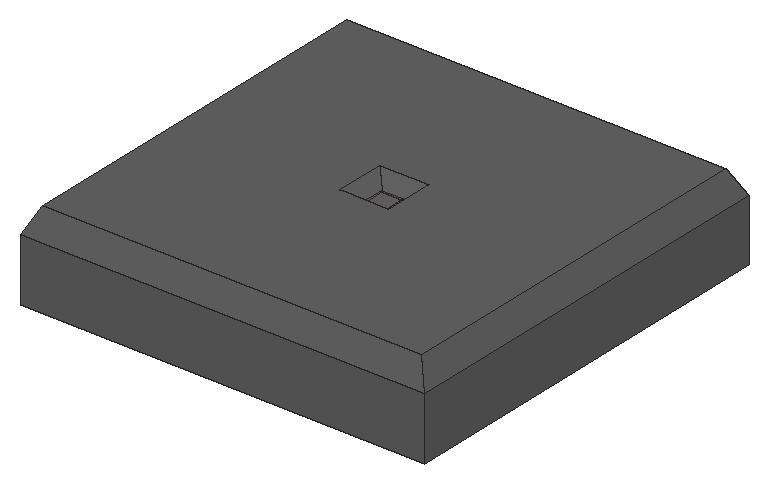
Revit family "Smartcard Reader_Delta53_Farpointe_R15", category Security Devices, host Face, Revit 2015
Parameters
  Width = 3.25"
  URL - Quick Start Guides [instance] = "http://farpointedata.com/downloads/qsg_and_ref/SmartcardReaders_QSG.pdf"
  URL - Mounting Guides Letter Size [instance] = "http://farpointedata.com/downloads/mounting_guides/MountingGuide_Delta53_Ltr.pdf"
  URL - Mounting Guides A4 Size [instance] = "http://farpointedata.com/downloads/mounting_guides/MountingGuide_Delta53_A4.pdf"
  URL - Data Sheets [instance] = "http://farpointedata.com/downloads/datasheets/Delta53_TDS.pdf"
  URL - Bid Specifications [instance] = "http://farpointedata.com/downloads/bid_specs/Farpointe_Delta_Specification.docx"
  URL = "http://www.farpointedata.com/"
  Modeled By [instance] = "www.commensestudio.com"
  Model = "Delta5.3 Contactless Smartcard Reader"  # constant formula
  Manufacturer = "Farpointe Data"  # constant formula
  LED [instance] = LED
  Height = 3.25"
  Description = "European-Sized Mount"  # constant formula
  Depth = 0.8"
  Default Elevation = 48"
  Cover [instance] = Cover
Reference planes (in)
  plane 1 "Center (Front/Back)": y = 0
  plane 2: z = 0
  plane 3 "Center (Left/Right)": x = 0
  plane 4: x = -1.625
  plane 5: x = 1.625
  plane 6: y = 1.625
  plane 7: y = -1.625
  plane 8: z = 0.8
Forms (in)
  Extrusion 1, solid, material "Cover" <- "Cover"
    sketch origin (0, 0, 0) x (1, 0, 0) y (0, 1, 0)
      loop
        line (-1.625, -1.625) -> (1.625, -1.625) -> (1.625, 1.625) -> (-1.625, 1.625) -> (-1.625, -1.625)
    from 0 to 0.5
  Blend 2, solid, material "Cover" <- "Cover"
    base sketch origin (0, 0, 0) x (1, 0, 0) y (0, 1, 0)
      loop
        line (-1.625, 1.625) -> (-1.625, -1.625) -> (1.625, -1.625) -> (1.625, 1.625) -> (-1.625, 1.625)
    top sketch origin (0, 0, 0) x (1, 0, 0) y (0, 1, 0)
      loop
        line (-1.525, 1.525) -> (-1.525, -1.525) -> (1.525, -1.525) -> (1.525, 1.525) -> (-1.525, 1.525)
    from 0.5 to 0.7
  Extrusion 3, solid, material "LED" <- "LED"
    sketch origin (0, 0, 0) x (1, 0, 0) y (0, 1, 0)
      loop
        line (0.085, -0.085) -> (0.085, 0.085) -> (-0.085, 0.085) -> (-0.085, -0.085) -> (0.085, -0.085)
    from 0.5 to 0.61
  Blend 4, void
    base sketch origin (0, 0, 0) x (1, 0, 0) y (0, 1, 0)
      loop
        line (-0.085, 0.085) -> (-0.085, -0.085) -> (0.085, -0.085) -> (0.085, 0.085) -> (-0.085, 0.085)
    top sketch origin (0, 0, 0) x (1, 0, 0) y (0, 1, 0)
      loop
        line (-0.19907, 0.19907) -> (-0.19907, -0.19907) -> (0.19907, -0.19907) -> (0.19907, 0.19907) -> (-0.19907, 0.19907)
    from 0.6 to 0.7
Cuts and joins
  Blend 4 cuts Blend 2
Dimensions and locks (in)
  equal spacing: plane 7, plane 1 "Center (Front/Back)", plane 6
  equal spacing: plane 4, plane 3 "Center (Left/Right)", plane 5
  "Height": plane 7 to plane 6
  "Width": plane 4 to plane 5
  "Depth": plane 8 to level
  aligned and locked: plane 2 to host face
  aligned and locked: level to host face
  aligned and locked: plane 7 to Extrusion 1
  aligned and locked: Extrusion 1 to plane 6
  aligned and locked: Extrusion 1 to plane 4
  aligned and locked: plane 5 to Extrusion 1
  aligned and locked: plane 4 to Blend 2 sketch curve
  aligned and locked: plane 6 to Blend 2 sketch curve
  aligned and locked: Blend 2 sketch curve to plane 7
  aligned and locked: Blend 2 sketch curve to Extrusion 1
Automatic sketch dimensions
  host sketch curve to host sketch curve = 96"  (x2)
  plane 6 to Extrusion 1 sketch curve = 0"
  plane 4 to Extrusion 1 sketch curve = 0"
  Extrusion 1 sketch curve to plane 5 = 0"
  Extrusion 1 sketch curve to plane 7 = 0"
  Blend 2 sketch curve to plane 7 = 0.1"
  Blend 2 sketch curve to plane 3 "Center (Left/Right)" = 1.525"
  plane 3 "Center (Left/Right)" to Blend 2 sketch curve = 1.525"
  plane 6 to Blend 2 sketch curve = 0.1"
  Extrusion 3 sketch curve to plane 3 "Center (Left/Right)" = 0.085"
  plane 3 "Center (Left/Right)" to Extrusion 3 sketch curve = 0.085"
  plane 1 "Center (Front/Back)" to Extrusion 3 sketch curve = 0.085"
  Extrusion 3 sketch curve to plane 1 "Center (Front/Back)" = 0.085"
  Blend 4 sketch curve to plane 3 "Center (Left/Right)" = 0.085"
  plane 3 "Center (Left/Right)" to Blend 4 sketch curve = 0.085"
  plane 1 "Center (Front/Back)" to Blend 4 sketch curve = 0.085"
  Blend 4 sketch curve to plane 1 "Center (Front/Back)" = 0.085"
  Blend 4 sketch curve to plane 3 "Center (Left/Right)" = 0.19907"
  plane 3 "Center (Left/Right)" to Blend 4 sketch curve = 0.19907"
  plane 1 "Center (Front/Back)" to Blend 4 sketch curve = 0.19907"
  Blend 4 sketch curve to plane 1 "Center (Front/Back)" = 0.19907"
Connectors (in)
  electrical at (0, 0, 0)
    settings: index 3, voltage 0 V, apparent load 0 VA, apparent load phase1 0 VA, apparent load phase2 0 VA, apparent load phase3 0 VA, power factor 1, load classification "Other", number of poles 1, system type 10, power factor state 1, is connector primary yes, connector utility no, sub classification motor no, connector description ""
